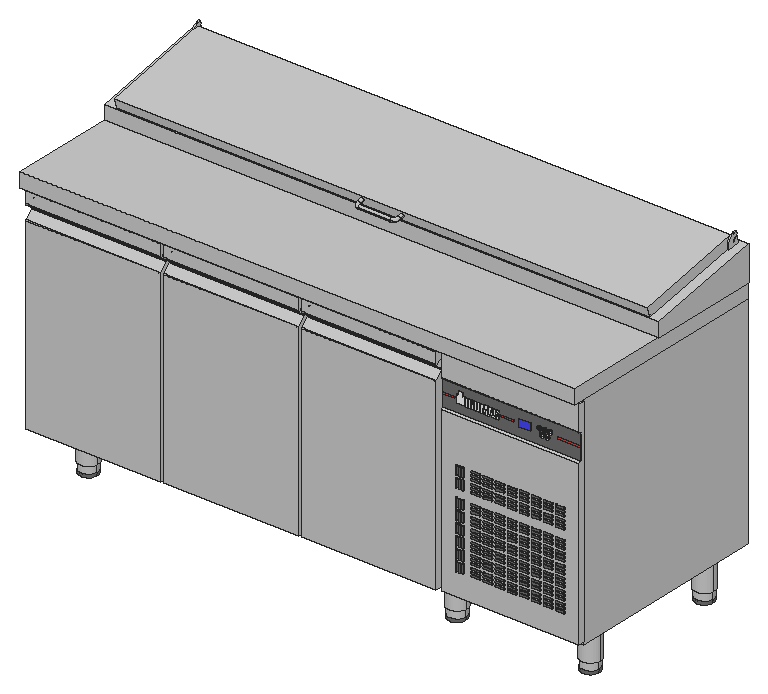
Revit family "QF_INOMAK_ZPZP999_250612092413", category Specialty Equipment, Revit 2021 (continued)
Definition of nested family "QF_INOMAK_REF_COUNTERS_LEGS_9098"
  Dimensions and locks
    aligned and locked: nested 1 to plane 9 "Rear offset"
    aligned and locked: nested 2 to plane 12
    aligned and locked: nested 2 to plane 9 "Rear offset"
    aligned and locked: nested 3 to plane 8 "Right offset"
    aligned and locked: nested 3 to plane 9 "Rear offset"
  Nested families
    nested 1: "QF_INOMAK_LEG" at (100, -90, 0), type "QF_INOMAK_LEG"
      with Height 144 mm
    nested 2: "QF_INOMAK_LEG" at (1292, -90, 0), type "QF_INOMAK_LEG"
      with Height 144 mm
    nested 3: "QF_INOMAK_LEG" at (1722, -90, 0), type "QF_INOMAK_LEG"
      with Height 144 mm
    nested 4: "QF_INOMAK_LEG" at (1722, -550, 0), type "QF_INOMAK_LEG"
      with Height 144 mm
    nested 5: "QF_INOMAK_LEG" at (1292, -550, 0), type "QF_INOMAK_LEG"
      with Height 144 mm
    nested 6: "QF_INOMAK_LEG" at (696, -550, 0), visible <- "CentralLegs", type "QF_INOMAK_LEG"
      with Height 144 mm
    nested 7: "QF_INOMAK_LEG" at (100, -550, 0), type "QF_INOMAK_LEG"
      with Height 144 mm
  Definition of nested family "QF_INOMAK_LEG"
    Parameters (values of type "QF_INOMAK_LEG")
      Height = 115 mm
      Default Elevation = 0 mm
    Reference planes
      plane 1 "Center (Front/Back)": y = 0
      plane 2: z = 0
      plane 3 "Center (Left/Right)": x = 0
      plane 4 "Top": z = 115
    Forms (mm)
      Extrusion 1, solid
        sketch origin (0, 0, 115) x (0, 1, 0) y (-1, 0, 0)
          loop
            line (50, 45) -> (-50, 45) -> (-50, -45) -> (50, -45) -> (50, 45)
        from 0 to -3
      Extrusion 2, solid
        sketch origin (-199.986, 580, 0) x (1, 0, 0) y (0, 1, 0)
          loop
            circle (199.986, -580) r 28
        from 9 to 35
      Extrusion 3, solid
        sketch origin (-199.986, 580, 0) x (1, 0, 0) y (0, 1, 0)
          loop
            circle (199.986, -580) r 28.5
        from 0 to 9
      Sweep 4, solid
        path origin (0, 0, 0) x (0, 1, 0) y (0, 0, 1)
          loop
            line (0, 112) -> (0, 35)
        profile origin (0, 0, 73.5) x (1, 0, 0) y (0, 1, 0)
          loop
            circle (0, 0) r 32
    Dimensions and locks
      "Height": plane 4 "Top" to plane 2
      aligned and locked: level to plane 2
    Automatic sketch dimensions
      plane 1 "Center (Front/Back)" to Extrusion 1 sketch curve = 50 mm
      Extrusion 1 sketch curve to plane 1 "Center (Front/Back)" = 50 mm
      plane 3 "Center (Left/Right)" to Extrusion 1 sketch curve = 45 mm
      Extrusion 1 sketch curve to plane 3 "Center (Left/Right)" = 45 mm
      plane 1 "Center (Front/Back)" to Extrusion 2 sketch curve = 0 mm
      Extrusion 2 sketch curve to plane 3 "Center (Left/Right)" = 0 mm
      plane 1 "Center (Front/Back)" to Extrusion 3 sketch curve = 0 mm
      Extrusion 3 sketch curve to plane 3 "Center (Left/Right)" = 0 mm
      Sweep 4 sketch curve to plane 1 "Center (Front/Back)" = 0 mm
      level to Sweep 4 sketch curve = 35 mm
      Sweep 4 sketch curve to plane 4 "Top" = 3 mm
      Sweep 4 sketch curve to plane 3 "Center (Left/Right)" = 0 mm
      profile plane to Sweep 4 sketch curve = 0 mm
      radius of Extrusion 2 sketch curve = 28 mm
      radius of Extrusion 3 sketch curve = 28.5 mm
      radius of Sweep 4 sketch curve = 32 mm
Definition of nested family "CONN_POINT_ELE_2D___Generic_Annotation"
  Parameters (values of type "CONN_POINT_ELE_2D___Generic_Annotation")
    Onboard connection annotation symbol visibility [instance] = yes
  Reference planes
    plane 1: y = 0
    plane 2: x = 0
  Lines and regions (mm)
    detail lines, visible <- "Onboard connection annotation symbol visibility"
      curve 1: circle (0, 0, 0) r 0.5 normal (0, 0, 1)
      curve 2: line (-1, 0, 0) -> (1, 0, 0)
      curve 3: line (0, 1, 0) -> (0, -1, 0)
      curve 4: line (2.5, 1, 0) -> (1.25, 1, 0)
      curve 5: line (1.25, 1, 0) -> (1.25, -1, 0)
      curve 6: line (1.25, -1, 0) -> (2.5, -1, 0)
      curve 7: line (1.25, 0, 0) -> (2, 0, 0)
